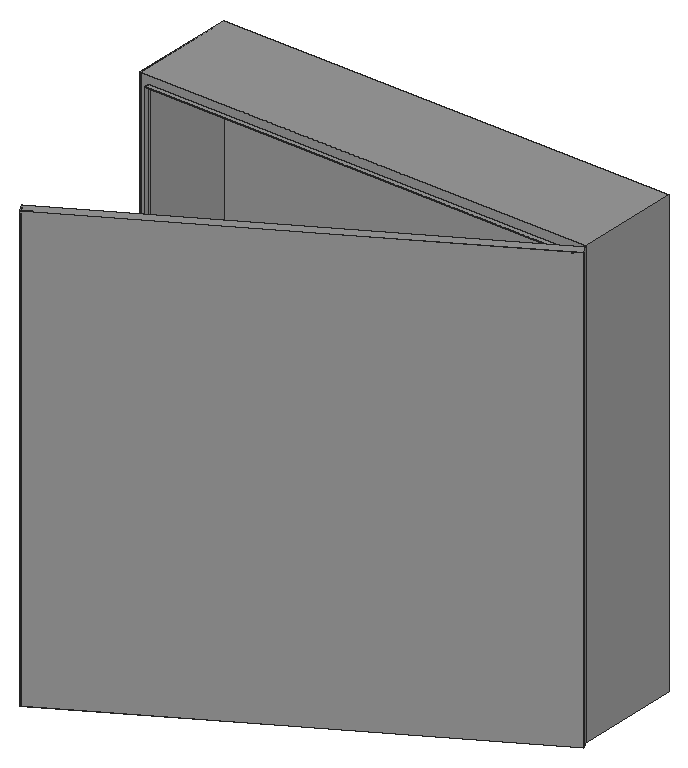
Revit family "Hager-Univers-IP54-D205-H800-Cl.II-Encl-NoHosted-PL-pl", category Electrical Equipment, Revit 2020
Family settings
  Panel Configuration = Two Columns, Circuits Across
  Round Connector Dimension = Use Diameter
  Part Type = Panelboard
  Work Plane-Based = Yes
  Always vertical = Yes
  Cut with Voids When Loaded = No
  Shared = No
  Room Calculation Point = No
Parameters (values of type "Montaż natynkowy IP54 S800 W800 G205  - FP53SW2")
  Width Control [instance] = if([EF000008 - Szerokość] > Min Width, [EF000008 - Szerokość], Min Width)  # 800 mm
  Type Comments = [HG000003 - Zakres]  # "Univers"
  Thickness Door [instance] = if([EF009171 - Drzwi/pokrywa z materiału o wysokiej wytrzymałości mechanicznej] > 3 mm, 3 mm, [EF009171 - Drzwi/pokrywa z materiału o wysokiej wytrzymałości mechanicznej])  # 1 mm
  Seal Frame Offset [instance] = 17 mm  # constant formula
  Plinth Visibility [instance] = [HG000027 - Wysokość cokołu] > 0 mm  # no
  Min Width [instance] = 100 mm  # constant formula
  Min Depth [instance] = (2 * [EF009170 - Obudowa z materiału o wysokiej wytrzymałości mechanicznej]) + 1 mm  # 3 mm
  Min Height [instance] = 100 mm  # constant formula
  Internal Frame Depth [instance] = (Door System Depth * 0.5)  # 9 mm
  Panel Name [instance] = ""  # (empty or 0)
  Model = ""
  HG000027 - Wysokość cokołu = 0 mm
  HG000026 - Stojąca = no
  HG000024 - Wysokość części dolnej = 600 mm
  HG000023 - Obudowa dwusekcyjna = no
  HG000016 - Widoczność drzwi w widoku 3D [instance] = yes
  HG000015 - Przestrzeń robocza - otwarcie drzwi [instance] = no
  HG000014 - Drzwi prawe [instance] = yes
  HG000013 - Drzwi lewe [instance] = not([HG000014 - Drzwi prawe])  # no
  HG000012 - Kąt otwarcia drzwi [instance] = 30.00°
  HG000010 - Drzwi asymetryczne = no
  HG000009 - Drzwi dwuskrzydłowe = no
  HG000006 - Montaż podtynkowy = no
  HG000004 - Referencja producenta = "FP53SW2"
  HG000003 - Zakres = "Univers"
  HG000002 - Z drzwiami lub pokrywą = yes
  Frame Offset Bottom [instance] = 10 mm  # constant formula
  Frame Offset [instance] = 15 mm  # constant formula
  EF015940 - Pokrywa z wyzwalaczem nadciśnieniowym = no
  EF011959 - Stopień ochrony (NEMA) = ""
  EF009554 - Liczba otworów pod flansze = 6
  EF009212 - Wykonanie pokrywy = "EV000116 - Zamknięty"
  EF009171 - Drzwi/pokrywa z materiału o wysokiej wytrzymałości mechanicznej = 1 mm
  EF009170 - Obudowa z materiału o wysokiej wytrzymałości mechanicznej = 1 mm
  EF008873 - Prąd znamionowy (In) = 250 A
  EF007800 - Do ochrony odgromowej = no
  EF006306 - Z zamkiem = no
  EF006244 - Transparentna pokrywa/drzwi = no
  EF005474 - Stopień ochrony (IP) = "EV006419 - IP54"
  EF004464 - Rodzaj drzwi = "EV002646 - Pojedynczy"
  EF004427 - Liczba modułów = 180
  EF004293 - Odporność udarowa = "EV006815 - IK09"
  EF003532 - Do zastosowań zewnętrznych = no
  EF002950 - Szerokość wyrażona liczbą modułów = 36
  EF001613 - Podtrzymanie funkcji = "EV000494 - Brak"
  EF001596 - Materiał obudowy = "EV000179 - Stal"
  EF001131 - Głębokość wewnętrzna = 130 mm
  EF001088 - Możliwość rozbudowy = yes
  EF000437 - Liczba wejść kablowych = 6
  EF000339 - Rodzaj pokrywy = "EV004216 - Drzwi"
  EF000266 - Liczba rzędów = 5
  EF000218 - Głębokość wbudowania = 205 mm
  EF000118 - Z płytą montażową = no
  EF000116 - Numer RAL = "9010"
  EF000049 - Głębokość = 205 mm
  EF000040 - Wysokość = 800 mm
  EF000008 - Szerokość = 800 mm
  EF000007 - Kolor = "EV000202 - Biały"
  EF000003 - Sposób montażu = "EV000384 - Montaż natynkowy"
  Door System Leaf Tolerance [instance] = 1.5 mm  # constant formula
  Door System Depth [instance] = 18 mm  # constant formula
  Door Height [instance] = Height Control - [HG000027 - Wysokość cokołu]  # 800 mm
  Description = ""
  Default Elevation = 1219.2 mm
  Connector Offset [instance] = Height Control / 2  # 400 mm
  Manufacturer = "Hager"  # constant formula
  Height Control [instance] = if([EF000040 - Wysokość] > Min Height, [EF000040 - Wysokość], Min Height)  # 800 mm
  Depth Control [instance] = if([EF000049 - Głębokość] > Min Depth, [EF000049 - Głębokość], Min Depth)  # 205 mm
  Bottom Top Plate Trim [instance] = 1.5 mm  # constant formula
  Plinth height Ctrl [instance] = if([HG000027 - Wysokość cokołu] > 0 mm, [HG000027 - Wysokość cokołu], 12 mm)  # 12 mm
Types (5, lengths in mm): name | Width Control | HG000010 - Drzwi asymetryczne | HG000009 - Drzwi dwuskrzydłowe | HG000004 - Referencja producenta | EF009554 - Liczba otworów pod flansze | EF004464 - Rodzaj drzwi | EF004427 - Liczba modułów | EF002950 - Szerokość wyrażona liczbą modułów | EF000437 - Liczba wejść kablowych | EF000339 - Rodzaj pokrywy | EF000008 - Szerokość
  Montaż natynkowy IP54 S1050 W800 G205  - FP54SW2 | 1050 | no | yes | "FP54SW2" | 8 | "EV003602 - Podwójny" | 240 | 48 | 8 | "EV004216 - Drzwi" | 1050
  Montaż natynkowy IP54 S1300 W800 G205  - FP55SW2 | 1300 | yes | yes | "FP55SW2" | 10 | "EV003602 - Podwójny" | 300 | 60 | 10 | "EV004216 - Drzwi" | 1300
  Montaż natynkowy IP54 S300 W800 G205  - FP51SW2 | 300 | no | no | "FP51SW2" | 2 | "EV002646 - Pojedynczy" | 60 | 12 | 2 | "EV001012 - Pokrywa" | 300
  Montaż natynkowy IP54 S550 W800 G205  - FP52SW2 | 550 | no | no | "FP52SW2" | 4 | "EV002646 - Pojedynczy" | 120 | 24 | 4 | "EV001012 - Pokrywa" | 550
  Montaż natynkowy IP54 S800 W800 G205  - FP53SW2 | 800 | no | no | "FP53SW2" | 6 | "EV002646 - Pojedynczy" | 180 | 36 | 6 | "EV004216 - Drzwi" | 800
Reference planes
  plane 1 "Center (Front/Back)": y = 0
  plane 2: z = 0
  plane 3 "Center (Left/Right)": x = 0
  plane 4: y = 0
  plane 5: y = 0
  plane 6: z = 0
  plane 7: x = -400
  plane 8: x = 400
  plane 9: x = 399
  plane 10: x = -399
  plane 11: z = 0
  plane 12: z = 1
  plane 13: y = -205
  plane 14: y = -1
  plane 15: x = 0
  plane 16: y = -187
  plane 17: y = -204
  plane 18: y = -186
  plane 19: x = -384
  plane 20: x = 384
  plane 21: z = 11
  plane 22: x = -383
  plane 23: x = 383
  plane 24: z = 0
  plane 25: z = 800
  plane 26: z = 800
  plane 27: z = 784
  plane 28: z = 799
Forms (mm)
  Extrusion 1, solid, material "Hager_Steel_RAL7035_Light_Grey", detail levels medium+fine
    sketch origin (-208.679, -4572, 0) x (-1, 0, 0) y (0, -1, 0)
      loop
        line (191.321, -4385) -> (-608.679, -4385) -> (-608.679, -4572) -> (191.321, -4572) -> (191.321, -4385)
    from 0 to 800
  Extrusion 2, void
    sketch origin (-350.771, -205, 1219.2) x (1, 0, 0) y (0, 0, 1)
      loop
        line (-48.229, -420.2) -> (-48.229, -1218.2) -> (749.771, -1218.2) -> (749.771, -420.2) -> (-48.229, -420.2)
    from -19 to -204
  Extrusion 3, void
    sketch origin (-290.084, -187, 1219.2) x (1, 0, 0) y (0, 0, 1)
      loop
        line (-93.916, -1208.2) -> (674.084, -1208.2) -> (674.084, -435.2) -> (-93.916, -435.2) -> (-93.916, -1208.2)
    from 0 to -1
  Extrusion 4, solid, material "Hager_Steel_RAL7035_Light_Grey", visible <- "Plinth Visibility", detail levels medium+fine
    sketch origin (0, 0, 0) x (1, 0, 0) y (0, 1, 0)
      loop
        line (-400, 0) -> (-400, -187) -> (400, -187) -> (400, 0) -> (-400, 0)
    from 0 to 12 <- "Plinth height Ctrl"
  Extrusion 5, solid, material "Hager_Steel_RAL7035_Light_Grey", detail levels coarse
    sketch origin (0, 0, 0) x (1, 0, 0) y (0, 1, 0)
      loop
        line (-400, 0) -> (-400, -205) -> (400, -205) -> (400, 0) -> (-400, 0)
    from 0 to 800 <- "Height Control"
  Sweep 6, void
    path in 3D
      loop
        line (-400, -187, 12) -> (400, -187, 12) -> (400, 0, 12) -> (-400, 0, 12) -> (-400, -187, 12)
    profile origin (-400, -93.5, 12) x (1, 0, 0) y (0, 0, 1)
      loop
        line (0, 0) -> (0, -1.5) -> (1.5, -1.5)
        arc (1.5, -1.5) -> (1.061, -0.439) -> (0, 0) r 1.5
  Extrusion 7, solid, material "Hager_Steel_RAL7035_Light_Grey", detail levels fine
    sketch origin (-400, -187, 0) x (1, 0, 0) y (0, 0, 1)
      loop
        line (16, 11) -> (784, 11) -> (784, 784) -> (16, 784) -> (16, 11)
      loop
        line (15, 10) -> (785, 10) -> (785, 785) -> (15, 785) -> (15, 10)
    from 0 to 9 <- "Internal Frame Depth"
Cuts and joins
  Extrusion 2, Extrusion 3 cuts Extrusion 1
  Sweep 6 cuts Extrusion 4
Lines and regions (mm)
  Masking region 1
    outline origin (0, 0, 0) x (1, 0, 0) y (0, 1, 0)
      loop
        line (-400, 0) -> (-400, -205) -> (400, -205) -> (400, 0) -> (-400, 0)
  Masking region 2, detail levels coarse
    outline origin (-290.084, -187, 1219.2) x (-1, 0, 0) y (0, 0, 1)
      loop
        line (-690.084, -1219.2) -> (109.916, -1219.2) -> (109.916, -419.2) -> (-690.084, -419.2) -> (-690.084, -1219.2)
  Masking region 3, detail levels coarse
    outline origin (0, 0, 0) x (0, 1, 0) y (0, 0, 1)
      loop
        line (0, 0) -> (0, 800) -> (-205, 800) -> (-205, 0) -> (0, 0)
  Masking region 4, visible <- "Plinth Visibility", detail levels medium+fine
    outline origin (0, 0, 0) x (0, 1, 0) y (0, 0, 1)
      loop
        line (-1.5, 12) -> (-185.5, 12)
        arc (-185.5, 12) -> (-185.939, 10.939) -> (-187, 10.5) r 1.5
        line (-187, 10.5) -> (-187, 0) -> (0, 0) -> (0, 10.5)
        arc (0, 10.5) -> (-1.061, 10.939) -> (-1.5, 12) r 1.5
  Masking region 5, detail levels medium+fine
    outline origin (0, 0, 594.038) x (0, 1, 0) y (0, 0, 1)
      loop
        line (0, -594.038) -> (0, 205.962) -> (-187, 205.962) -> (-187, -594.038) -> (0, -594.038)
  Masking region 6, detail levels medium+fine
    outline origin (-359.7, -187, 1211.883) x (-1, 0, 0) y (0, 0, 1)
      loop
        line (-759.7, -1211.883) -> (40.3, -1211.883) -> (40.3, -411.883) -> (-759.7, -411.883) -> (-759.7, -1211.883)
  Masking region 7, visible <- "Plinth Visibility", detail levels medium+fine
    outline origin (-320.334, -187, 1041.368) x (-1, 0, 0) y (0, 0, 1)
      loop
        line (-720.334, -1041.368) -> (79.666, -1041.368) -> (79.666, -1030.868)
        arc (79.666, -1030.868) -> (78.606, -1030.429) -> (78.166, -1029.368) r 1.5
        line (78.166, -1029.368) -> (-718.834, -1029.368)
        arc (-718.834, -1029.368) -> (-719.273, -1030.429) -> (-720.334, -1030.868) r 1.5
        line (-720.334, -1030.868) -> (-720.334, -1041.368)
  sketch lines
    curve 1: line (-400, 0, 12) -> (-400, -187, 12)
    curve 2: line (-400, -187, 12) -> (400, -187, 12)
    curve 3: line (400, 0, 12) -> (-400, 0, 12)
    curve 4: line (400, -187, 12) -> (400, 0, 12)
Dimensions and locks
  locked: plane 1 "Center (Front/Back)" to plane 5
  "EF009170 - Obudowa z materiału o wysokiej wytrzymałości mechanicznej": plane 7 to plane 10
  "EF009170 - Obudowa z materiału o wysokiej wytrzymałości mechanicznej": plane 8 to plane 9
  equal spacing: plane 7, plane 3 "Center (Left/Right)", plane 8
  "Width Control": plane 7 to plane 8
  "Depth Control": plane 4 to plane 13
  "EF009170 - Obudowa z materiału o wysokiej wytrzymałości mechanicznej": plane 4 to plane 14
  "Height Control": plane 25 to level
  "HG000027 - Wysokość cokołu": plane 11 to level
  "EF009170 - Obudowa z materiału o wysokiej wytrzymałości mechanicznej": plane 12 to plane 11
  "EF009170 - Obudowa z materiału o wysokiej wytrzymałości mechanicznej": plane 17 to plane 13
  "EF009170 - Obudowa z materiału o wysokiej wytrzymałości mechanicznej": plane 18 to plane 16
  "Frame Offset Bottom": plane 21 to plane 12
  "Frame Offset": plane 10 to plane 19
  "Frame Offset": plane 9 to plane 20
  "Door System Depth": plane 16 to plane 13
  "Seal Frame Offset": plane 7 to plane 22
  "Seal Frame Offset": plane 8 to plane 23
  "EF009170 - Obudowa z materiału o wysokiej wytrzymałości mechanicznej": plane 26 to plane 28
  "Frame Offset": plane 28 to plane 27
  "Connector Offset": plane 2 to connector elem
  "Bottom Top Plate Trim": profile plane to Sweep 6 sketch curve
  "Bottom Top Plate Trim": Sweep 6 sketch curve to Sweep 6 sketch curve
  "Plinth height Ctrl": Masking region 4 sketch curve to level
  "Plinth height Ctrl": Masking region 7 sketch curve to level
  "Thickness Door": Extrusion 7 sketch curve to Extrusion 7 sketch curve  (x4)
  "Bottom Top Plate Trim": radius of Sweep 6 sketch curve
  "Bottom Top Plate Trim": radius of Masking region 4 sketch curve  (x2)
  "Bottom Top Plate Trim": radius of Masking region 7 sketch curve  (x2)
  aligned and locked: Extrusion 2 sketch curve to plane 12
  aligned and locked: Extrusion 2 sketch curve to plane 9
  aligned and locked: Extrusion 2 sketch curve to plane 10
  aligned and locked: Extrusion 2 to plane 14
  aligned and locked: Extrusion 1 sketch curve to plane 4
  aligned and locked: plane 8 to Extrusion 1 sketch curve
  aligned and locked: plane 7 to Extrusion 1 sketch curve
  aligned and locked: Extrusion 2 to plane 18
  aligned and locked: Extrusion 3 sketch curve to plane 19
  aligned and locked: plane 20 to Extrusion 3 sketch curve
  aligned and locked: Extrusion 3 to Extrusion 2
  aligned and locked: Extrusion 3 sketch curve to plane 21
  aligned and locked: plane 3 "Center (Left/Right)" to nested 1
  aligned and locked: Extrusion 1 sketch curve to plane 16
  aligned and locked: Extrusion 4 sketch curve to cut or joined group of Extrusion 1, Extrusion 2, Extrusion 3
  aligned and locked: Masking region 1 sketch curve to plane 7
  aligned and locked: Masking region 1 sketch curve to plane 5
  aligned and locked: Masking region 1 sketch curve to plane 8
  aligned and locked: Masking region 2 sketch curve to level
  aligned and locked: level to Masking region 3 sketch curve
  aligned and locked: plane 1 "Center (Front/Back)" to Masking region 3 sketch curve
  aligned and locked: plane 13 to Masking region 3 sketch curve
  aligned and locked: plane 5 to Masking region 4 sketch curve
  aligned and locked: Masking region 2 sketch curve to plane 8
  aligned and locked: Masking region 2 sketch curve to plane 7
  aligned and locked: plane 7 to nested 2
  aligned and locked: nested 2 to plane 5
  aligned and locked: plane 5 to Masking region 5 sketch curve
  aligned and locked: plane 26 to Masking region 5 sketch curve
  aligned and locked: Extrusion 5 sketch curve to plane 8
  aligned and locked: Extrusion 5 sketch curve to plane 7
  aligned and locked: Extrusion 5 sketch curve to plane 5
  aligned and locked: Extrusion 3 sketch curve to plane 27
  aligned and locked: Extrusion 2 sketch curve to plane 28
  aligned and locked: Masking region 2 to plane 25
  aligned and locked: Extrusion 4 to plane 16
  aligned and locked: profile plane to Sweep 6 sketch curve
  aligned and locked: Masking region 5 sketch curve to plane 24
  aligned and locked: level to Masking region 4 sketch curve
  aligned and locked: Masking region 1 to plane 13
  aligned and locked: nested 1 to plane 16
  aligned and locked: Masking region 3 to plane 25
  aligned and locked: plane 16 to Masking region 4 sketch curve
  aligned and locked: Masking region 5 sketch curve to plane 16
  aligned and locked: plane 24 to plane 11
  aligned and locked: plane 26 to plane 25
  aligned and locked: plane 26 to cut or joined group of Extrusion 1, Extrusion 2, Extrusion 3
  aligned and locked: nested 1 to plane 24
  aligned and locked: Extrusion 1 to Extrusion 3
  aligned and locked: Masking region 6 sketch curve to plane 8
  aligned and locked: Masking region 6 sketch curve to plane 24
  aligned and locked: Masking region 6 sketch curve to plane 7
  aligned and locked: Masking region 6 sketch curve to plane 26
  aligned and locked: Masking region 7 sketch curve to plane 7
  aligned and locked: level to Masking region 7 sketch curve
  aligned and locked: Masking region 7 sketch curve to plane 8
  aligned and locked: Extrusion 7 sketch curve to cut or joined group of Extrusion 1, Extrusion 2, Extrusion 3  (x4)
Automatic sketch dimensions
  plane 19 to Extrusion 3 sketch curve = 0 mm
  Extrusion 3 sketch curve to plane 20 = 0 mm
  Extrusion 3 sketch curve to plane 21 = 0 mm
  Extrusion 4 sketch curve to plane 7 = 0 mm
  Extrusion 4 sketch curve to plane 8 = 0 mm
  Extrusion 4 sketch curve to plane 16 = 0 mm
  Masking region 1 sketch curve to plane 13 = 0 mm
  Masking region 2 sketch curve to plane 25 = 0 mm
  Masking region 3 sketch curve to plane 25 = 0 mm
  Extrusion 5 sketch curve to plane 13 = 0 mm
  profile plane to Sweep 6 sketch curve = 0 mm
Nested families
  nested 1: "EC000058_Univers_Door" at (0, -187, 0), Double <- "HG000009 - Drzwi dwuskrzydłowe", Transparent <- "EF006244 - Transparentna pokrywa/drzwi", Angle <- "HG000012 - Kąt otwarcia drzwi", Door_Right <- "HG000014 - Drzwi prawe", Assymetrical <- "HG000010 - Drzwi asymetryczne", Door <- "HG000002 - Z drzwiami lub pokrywą", Width_Ctrl <- "Width Control", 3d_Door <- "HG000016 - Widoczność drzwi w widoku 3D", Clearance <- "HG000015 - Przestrzeń robocza - otwarcie drzwi", Door_Left <- "HG000013 - Drzwi lewe", Width <- "Width Control", Door_Depth <- "Door System Depth", Leaf_Tolerance <- "Door System Leaf Tolerance", Height <- "Door Height", Lock_Visibility <- "EF006306 - Z zamkiem", Thickness <- "Thickness Door", type "EC000058_Univers_Door", detail levels medium+fine
    with min_wh 3 mm, Width_Ctrl 800 mm, Width 800 mm, Transparent no, Thickness 1 mm, Seal_Material Hager_Rubber, Lock_Visibility no, Lock_Material Hager_Plastic_RAL9005_Jet_Black, Leaf_Width 800 mm, Leaf_Tolerance_External_Sides 0 mm, Leaf_Tolerance 1.5 mm, Leaf_Offset 0 mm, Leaf_Height 797 mm, Leaf_2_Width 800 mm, Leaf_2_Offset 400 mm, Leaf_1_Width 800 mm, Leaf_1_Offset 400 mm, Height_Ctrl 800 mm, Height 800 mm, Glass_Material Hager_Glass, Double_Clearance_Ctrl no, Double no, Door_Right_Ctrl yes, Door_Right yes, Door_Material Hager_Steel_RAL7035_Light_Grey, Door_Left_Ctrl no, Door_Left no, Door_Depth 18 mm, Door yes, Clearance_Material Hager_Clearance, Clearance_Depth 800 mm, Clearance_Ctrl no, Clearance no, Assymetrical no, Angle 30.00°, 3d_Door yes
  nested 2: "Hager_Enclosure_Symbol" at (-400, 0, 0), Height <- "Depth Control", Width <- "Width Control", type "Hager_Enclosure_Symbol"
    with Width_Ctrl 800 mm, Width 800 mm, Height_Ctrl 205 mm, Height 205 mm, A_Width_Int 13.453 mm, A_Width 161.438 mm, A_Height_Ctrl 179.375 mm, A_Height 179.375 mm
Connectors
  electrical at (0, 0, 400)
    settings: on plane 1 "Center (Front/Back)", index 1, voltage 0 V, apparent load 0 VA, apparent load phase1 0 VA, apparent load phase2 0 VA, apparent load phase3 0 VA, power factor 1, load classification "Other", number of poles 1, system type 30, power factor state 1, is connector primary yes, connector utility no, sub classification motor no, connector description ""
Definition of nested family "EC000058_Univers_Door"
  Parameters (values of type "EC000058_Univers_Door")
    min_wh [instance] = (2 * Thickness) + 1 mm  # 11 mm
    Width_Ctrl [instance] = 400 mm
    Width [instance] = 500 mm
    Transparent [instance] = yes
    Thickness [instance] = 5 mm
    Seal_Material [instance] = none
    Lock_Visibility [instance] = yes
    Lock_Material [instance] = none
    Leaf_Width [instance] = if((Width_Ctrl - 2 * Leaf_Tolerance_External_Sides) > 0 mm, (Width_Ctrl - 2 * Leaf_Tolerance_External_Sides), min_wh)  # 400 mm
    Leaf_Tolerance_External_Sides [instance] = 0 mm  # constant formula
    Leaf_Tolerance [instance] = 1.5 mm
    Leaf_Offset [instance] = 0 mm  # constant formula
    Leaf_Height [instance] = if((Height_Ctrl - 2 * Leaf_Tolerance) > 0 mm, (Height_Ctrl - 2 * Leaf_Tolerance), min_wh)  # 497 mm
    Leaf_2_Width [instance] = if(and(and(Double, Assymetrical), Door_Left), (Leaf_Width / 3) - (Leaf_Tolerance / 2), if(and(and(Double, Assymetrical), Door_Right), (Leaf_Width / 3) * 2 - (Leaf_Tolerance / 2), if(and(Double, not(Assymetrical)), (Leaf_Width / 2) - Leaf_Tolerance, Leaf_Width)))  # 400 mm
    Leaf_2_Offset [instance] = if(and(Double, Assymetrical), Leaf_2_Width / 2, if(and(Double, not(Assymetrical)), Leaf_Width / 4, Leaf_Width / 2))  # 200 mm
    Leaf_1_Width [instance] = if(and(and(Double, Assymetrical), Door_Right), (Leaf_Width / 3) - (Leaf_Tolerance / 2), if(and(and(Double, Assymetrical), Door_Left), (Width / 3) * 2 - (Leaf_Tolerance / 2), if(and(Double, not(Assymetrical)), (Leaf_Width / 2) - Leaf_Tolerance, Leaf_Width)))  # 400 mm
    Leaf_1_Offset [instance] = if(and(Double, Assymetrical), Leaf_1_Width / 2, if(and(Double, not(Assymetrical)), Leaf_Width / 4, Leaf_Width / 2))  # 200 mm
    Height_Ctrl [instance] = if(Height > min_wh, Height, min_wh)  # 500 mm
    Height [instance] = 500 mm
    Glass_Material [instance] = none
    Double_Clearance_Ctrl [instance] = and(Double, Clearance)  # no
    Double [instance] = no
    Door_Right_Ctrl [instance] = and(or(Door_Right, Double), Door)  # yes
    Door_Right [instance] = yes
    Door_Material [instance] = none
    Door_Left_Ctrl [instance] = and(or(Door_Left, Double), Door)  # no
    Door_Left [instance] = no
    Door_Depth [instance] = 30 mm
    Door [instance] = yes
    Default Elevation = 1219.2 mm
    Clearance_Material [instance] = none
    Clearance_Depth [instance] = if(Leaf_1_Width > Leaf_2_Width, Leaf_1_Width, Leaf_2_Width)  # 400 mm
    Clearance_Ctrl [instance] = and(not(Double), Clearance)  # yes
    Clearance [instance] = yes
    Assymetrical [instance] = yes
    Angle [instance] = 30.00°
    3d_Door [instance] = yes
  Reference planes
    plane 1 "Center (Front/Back)": y = 0
    plane 2 "Bottom": z = 0
    plane 3 "Center (Left/Right)": x = 0
    plane 4: z = 500
    plane 5: x = -200
    plane 6: x = 200
    plane 7: z = 500
    plane 8: x = -200
    plane 9: z = 0
    plane 10: x = 200
    plane 11: y = 0
    plane 12: z = 1.5
    plane 13: x = -600
    plane 14: y = -400
    plane 15: x = 600
    plane 16: x = 0
    plane 17: x = 0
    plane 18: x = -200
    plane 19: x = 200
    plane 20: z = 498.5
  Forms (mm)
    Extrusion 1, solid, material <- "Clearance_Material", visible <- "Double_Clearance_Ctrl"
      sketch origin (1200, 0, 0) x (1, 0, 0) y (0, 0, -1)
        loop
          line (-1800, -498.5) -> (-600, -498.5) -> (-600, 0) -> (-1800, 0) -> (-1800, -498.5)
      from 0 to -400
  Dimensions and locks
    equal spacing: plane 5, plane 3 "Center (Left/Right)", plane 6
    "Width_Ctrl": plane 5 to plane 6
    "Leaf_Offset": plane 5 to plane 8
    "Leaf_Offset": plane 6 to plane 10
    "Leaf_Offset": plane 9 to level
    "Leaf_Offset": plane 4 to plane 7
    "Height_Ctrl": plane 4 to level
    "Leaf_Tolerance": plane 12 to plane 9
    locked: plane 11 to plane 1 "Center (Front/Back)"
    "Leaf_1_Offset": plane 18 to plane 16
    "Leaf_2_Offset": plane 17 to plane 19
    "Leaf_1_Width": plane 13 to plane 8
    "Leaf_2_Width": plane 10 to plane 15
    "Clearance_Depth": plane 14 to plane 1 "Center (Front/Back)"
    "Leaf_Tolerance_External_Sides": plane 8 to plane 18
    "Leaf_Tolerance_External_Sides": plane 19 to plane 10
    "Leaf_Tolerance": plane 7 to plane 20
    aligned and locked: level to plane 2 "Bottom"
    aligned and locked: nested 1 to plane 16
    aligned and locked: nested 2 to plane 17
    aligned and locked: Extrusion 1 to plane 13
    aligned and locked: plane 15 to Extrusion 1
    aligned and locked: Extrusion 1 to plane 14
    aligned and locked: plane 12 to nested 1
    aligned and locked: nested 2 to plane 12
    aligned and locked: Extrusion 1 to plane 11
    aligned and locked: plane 20 to Extrusion 1
    aligned and locked: nested 2 to plane 11
    aligned and locked: nested 1 to plane 11
  Automatic sketch dimensions
    Extrusion 1 sketch curve to level = 0 mm
    plane 5 to Extrusion 1 sketch curve = 400 mm
    plane 6 to Extrusion 1 sketch curve = 400 mm
    Extrusion 1 sketch curve to plane 4 = 1.5 mm
  Nested families
    nested 1: "EC000058_Univers_Door_Leaf" at (0, 0, 1.5), Width <- "Leaf_1_Width", visible <- "Door_Left_Ctrl", Leaf_Height <- "Leaf_Height", Angle <- "Angle", 3d_Door <- "3d_Door", Transparent <- "Transparent", Clearance Material <- "Clearance_Material", Clearance <- "Clearance_Ctrl", Door_Material <- "Door_Material", Glass_Material <- "Glass_Material", Door_Depth <- "Door_Depth", Lock_Material <- "Lock_Material", Seal_Material <- "Seal_Material", Lock_Visibility <- "Lock_Visibility", Thickness <- "Thickness", type "EC000058_Univers_Door_Leaf"
      with Width 400 mm, Transparent_Glass_Offset 30 mm, Transparent_Ctrl yes, Transparent yes, Thickness 5 mm, Standard no, Seal_Material none, Seal_D2 8 mm, Seal_D1 1 mm, Offset_Internal_Frame 10 mm, Lock_Width 20 mm, Lock_Visibility_3d yes, Lock_Visibility yes, Lock_Thickness_3 3 mm, Lock_Thickness_2 1 mm, Lock_Thickness_1 3 mm, Lock_Radius_Offset_2 16 mm, Lock_Radius_Offset_1 15 mm, Lock_Radius_2 5 mm, Lock_Radius 6 mm, Lock_Offset 5 mm, Lock_Material none, Lock_Height 80 mm, Lock_Cover_Top_Offset_2d 17 mm, Lock_Cover_Height -65 mm, Leaf_Height 497 mm, Internal_Seal_Thickness 8 mm, Internal_Seal_Depth_2 4.5 mm, Internal_Frame_Depth 25 mm, Glass_Thickness -1 mm, Glass_Offset -2 mm, Glass_Material none, Door_Material none, Door_Depth 30 mm, Clearance Material none, Clearance yes, Angle_Ctrl 30.00°, Angle 30.00°, 3d_Door yes
    nested 2: "EC000058_Univers_Door_Leaf" at (0, 0, 1.5) x (-1, 0, 0) z (0, 0, 1), Width <- "Leaf_2_Width", visible <- "Door_Right_Ctrl", Leaf_Height <- "Leaf_Height", Angle <- "Angle", 3d_Door <- "3d_Door", Transparent <- "Transparent", Clearance Material <- "Clearance_Material", Clearance <- "Clearance_Ctrl", Door_Material <- "Door_Material", Glass_Material <- "Glass_Material", Door_Depth <- "Door_Depth", Lock_Material <- "Lock_Material", Seal_Material <- "Seal_Material", Lock_Visibility <- "Lock_Visibility", Thickness <- "Thickness", type "EC000058_Univers_Door_Leaf"
      with Width 400 mm, Transparent_Glass_Offset 30 mm, Transparent_Ctrl yes, Transparent yes, Thickness 5 mm, Standard no, Seal_Material none, Seal_D2 8 mm, Seal_D1 1 mm, Offset_Internal_Frame 10 mm, Lock_Width 20 mm, Lock_Visibility_3d yes, Lock_Visibility yes, Lock_Thickness_3 3 mm, Lock_Thickness_2 1 mm, Lock_Thickness_1 3 mm, Lock_Radius_Offset_2 16 mm, Lock_Radius_Offset_1 15 mm, Lock_Radius_2 5 mm, Lock_Radius 6 mm, Lock_Offset 5 mm, Lock_Material none, Lock_Height 80 mm, Lock_Cover_Top_Offset_2d 17 mm, Lock_Cover_Height -65 mm, Leaf_Height 497 mm, Internal_Seal_Thickness 8 mm, Internal_Seal_Depth_2 4.5 mm, Internal_Frame_Depth 25 mm, Glass_Thickness -1 mm, Glass_Offset -2 mm, Glass_Material none, Door_Material none, Door_Depth 30 mm, Clearance Material none, Clearance yes, Angle_Ctrl 30.00°, Angle 30.00°, 3d_Door yes
  Definition of nested family "EC000058_Univers_Door_Leaf"
    Parameters (values of type "EC000058_Univers_Door_Leaf")
      Width [instance] = 2000 mm
      Transparent_Glass_Offset [instance] = 30 mm
      Transparent_Ctrl [instance] = and(Transparent, [3d_Door])  # yes
      Transparent [instance] = yes
      Thickness [instance] = 5 mm
      Standard [instance] = and(not(Transparent), [3d_Door])  # no
      Seal_Material [instance] = none
      Seal_D2 [instance] = 8 mm  # constant formula
      Seal_D1 [instance] = 1 mm  # constant formula
      Offset_Internal_Frame [instance] = 10 mm  # constant formula
      Lock_Width [instance] = 20 mm  # constant formula
      Lock_Visibility_3d [instance] = and(Lock_Visibility, [3d_Door])  # yes
      Lock_Visibility [instance] = yes
      Lock_Thickness_3 [instance] = 3 mm  # constant formula
      Lock_Thickness_2 [instance] = 1 mm  # constant formula
      Lock_Thickness_1 [instance] = 3 mm  # constant formula
      Lock_Radius_Offset_2 [instance] = Lock_Radius_Offset_1 + 1 mm  # 16 mm
      Lock_Radius_Offset_1 [instance] = 15 mm  # constant formula
      Lock_Radius_2 [instance] = Lock_Radius - 1 mm  # 5 mm
      Lock_Radius [instance] = 6 mm  # constant formula
      Lock_Offset [instance] = 5 mm  # constant formula
      Lock_Material [instance] = none
      Lock_Height [instance] = 80 mm  # constant formula
      Lock_Cover_Top_Offset_2d [instance] = Lock_Radius_Offset_2 + 1 mm  # 17 mm
      Lock_Cover_Height [instance] = -(Lock_Height - Lock_Radius_Offset_1)  # -65 mm
      Leaf_Height [instance] = 2720.336 mm
      Internal_Seal_Thickness [instance] = 8 mm  # constant formula
      Internal_Seal_Depth_2 [instance] = 4.5 mm  # constant formula
      Internal_Frame_Depth [instance] = if(Door_Depth - Thickness > 5 mm, Door_Depth - Thickness, 5 mm)  # 25 mm
      Glass_Thickness [instance] = if(Thickness > 15 mm, Glass_Offset + 10 mm, -1 mm)  # -1 mm
      Glass_Offset [instance] = if(Thickness > 15 mm, -(Thickness + 10 mm) / 2, -2 mm)  # -2 mm
      Glass_Material [instance] = none
      Door_Material [instance] = none
      Door_Depth [instance] = 30 mm
      Default Elevation = 0 mm
      Clearance Material [instance] = none
      Clearance [instance] = yes
      Angle_Ctrl [instance] = if(Angle > 180.00°, 180.00°, Angle)  # 90.00°
      Angle [instance] = 90.00°
      3d_Door [instance] = yes
    Reference planes
      plane 1 "Center (Front/Back)": y = 0
      plane 2: z = 0
      plane 3 "Center (Left/Right)": x = 0
      plane 4: y = 2000
      plane 5: x = -1000
      plane 6: x = 1000
      plane 7: x = -3000
      plane 8: z = 2720.336
      plane 9: z = 30
      plane 10: z = 2690.336
      plane 11: x = 970
      plane 12: x = -970
      plane 13: y = -3
      plane 14: z = 107.833
      plane 15: y = -5
      plane 16: y = -223.314
      plane 17: x = -1000
      plane 18: z = 1360.168
      plane 19: y = 30
    Forms (mm)
      Extrusion 1, solid, material <- "Clearance Material", visible <- "Clearance"
        sketch origin (0, 0, 0) x (1, 0, 0) y (0, 0, 1)
          loop
            line (-3000, 2720.336) -> (-3000, 0) -> (1000, 0) -> (1000, 2720.336) -> (-3000, 2720.336)
        from 0 to -2000
      Extrusion 2, solid, material <- "Door_Material", visible <- "Standard", detail levels medium+fine
        sketch origin (-1000, 0, 0) x (0, 1, 0) y (-1, 0, 0)
          loop
            line (0, 30) -> (0, 25) -> (2000, 25) -> (2000, 30) -> (0, 30)
        from 0 to 2720.336 <- "Leaf_Height"
      Extrusion 3, solid, material <- "Door_Material", visible <- "Transparent_Ctrl", detail levels medium+fine
        sketch origin (-1000, 0, 0) x (0, 1, 0) y (-1, 0, 0)
          loop
            line (0, 25) -> (2000, 25) -> (2000, 30) -> (0, 30) -> (0, 25)
        from 0 to 2720.336 <- "Leaf_Height"
      Extrusion 4, void
        sketch origin (-1025, 2000, 0) x (0, 1, 0) y (0, 0, -1)
          loop
            line (-30, -2690.336) -> (-30, -30) -> (-1970, -30) -> (-1970, -2690.336) -> (-30, -2690.336)
        from 0 to 5 <- "Thickness"
      Sweep 5, solid, material <- "Seal_Material", visible <- "Transparent_Ctrl", detail levels fine
        path in 3D
          loop
            line (-1025, 30, 30) -> (-1025, 30, 2690.336) -> (-1025, 1970, 2690.336) -> (-1025, 1970, 30) -> (-1025, 30, 30)
        profile origin (-1025, 1000, 30) x (1, 0, 0) y (0, 0, 1)
          loop
            line (0, 0) -> (0, -8) -> (1, -8) -> (1, 0) -> (0, 0)
      Extrusion 6, solid, material <- "Glass_Material", visible <- "Transparent_Ctrl", detail levels medium+fine
        sketch origin (-1030, 0, 0) x (0, 1, 0) y (0, 0, -1)
          loop
            line (1970, -2690.336) -> (1970, -30) -> (30, -30) -> (30, -2690.336) -> (1970, -2690.336)
        from -2 <- "Glass_Offset" to -1 <- "Glass_Thickness"
      Extrusion 7, solid, material <- "Door_Material", visible <- "3d_Door", detail levels medium+fine
        sketch origin (-1025, 2000, 0) x (0, -1, 0) y (0, 0, -1)
          loop
            line (0, -2720.336) -> (2000, -2720.336) -> (2000, 0) -> (0, 0) -> (0, -2720.336)
          loop
            line (1995, -5) -> (5, -5) -> (5, -2715.336) -> (1995, -2715.336) -> (1995, -5)
        from 0 to 25 <- "Internal_Frame_Depth"
      Sweep 8, solid, material <- "Seal_Material", visible <- "Transparent_Ctrl", detail levels fine
        path in 3D
          loop
            line (-1025, 0, 0) -> (-1025, 2000, 0) -> (-1025, 2000, 2720.336) -> (-1025, 0, 2720.336) -> (-1025, 0, 0)
        profile origin (-1025, 0, 1360.168) x (1, 0, 0) y (0, 1, 0)
          loop
            line (0, 10) -> (2.975, 10)
            arc (2.975, 10) -> (4.053, 10.447) -> (4.5, 11.525) r 1.525
            line (4.5, 11.525) -> (4.5, 16.527)
            arc (4.5, 16.527) -> (4.069, 17.569) -> (3.027, 18) r 1.473
            line (3.027, 18) -> (0, 18) -> (0, 10)
      Extrusion 9, solid, material <- "Lock_Material", visible <- "Lock_Visibility_3d", detail levels fine
        sketch origin (-1030, 0, 0) x (0, 1, 0) y (0, 0, -1)
          loop
            arc (1993.5, -1400.168) -> (1994.561, -1399.729) -> (1995, -1398.668) r 1.5
            line (1995, -1398.668) -> (1995, -1320.168) -> (1975, -1320.168) -> (1975, -1398.668)
            arc (1975, -1398.668) -> (1975.439, -1399.729) -> (1976.5, -1400.168) r 1.5
            line (1976.5, -1400.168) -> (1993.5, -1400.168)
        from 3 <- "Lock_Thickness_1" to 0
      Blend 10, solid, material <- "Lock_Material", visible <- "Lock_Visibility_3d", detail levels fine
        base sketch origin (-1033, 0, 0) x (0, 1, 0) y (0, 0, -1)
          loop
            line (1975, -1320.168) -> (1975, -1398.668)
            arc (1975, -1398.668) -> (1975.439, -1399.729) -> (1976.5, -1400.168) r 1.5
            line (1976.5, -1400.168) -> (1993.5, -1400.168)
            arc (1993.5, -1400.168) -> (1994.561, -1399.729) -> (1995, -1398.668) r 1.5
            line (1995, -1398.668) -> (1995, -1320.168) -> (1975, -1320.168)
        top sketch origin (-1033, 0, 0) x (0, 1, 0) y (0, 0, -1)
          loop
            line (1976, -1320.168) -> (1976, -1398.668)
            arc (1976, -1398.668) -> (1976.146, -1399.022) -> (1976.5, -1399.168) r 0.5
            line (1976.5, -1399.168) -> (1993.5, -1399.168)
            arc (1993.5, -1399.168) -> (1993.854, -1399.022) -> (1994, -1398.668) r 0.5
            line (1994, -1398.668) -> (1994, -1320.168) -> (1976, -1320.168)
        from 0 to 1 <- "Lock_Thickness_2"
      Blend 11, solid, material <- "Lock_Material", visible <- "Lock_Visibility_3d", detail levels fine
        base sketch origin (-1034, 0, 0) x (0, 1, 0) y (0, 0, -1)
          loop
            line (1978, -1320.168) -> (1978, -1384.168)
            arc (1978, -1384.168) -> (1985, -1391.168) -> (1992, -1384.168) r 7
            line (1992, -1384.168) -> (1992, -1320.168) -> (1978, -1320.168)
        top sketch origin (-1034, 0, 0) x (0, 1, 0) y (0, 0, -1)
          loop
            line (1991, -1320.168) -> (1979, -1320.168) -> (1979, -1383.168)
            arc (1979, -1383.168) -> (1985, -1389.168) -> (1991, -1383.168) r 6
            line (1991, -1383.168) -> (1991, -1320.168)
        from 0 to 3 <- "Lock_Thickness_3"
      Extrusion 12, solid, material <- "Lock_Material", visible <- "Lock_Visibility_3d", detail levels fine
        sketch origin (-1030, 1975, 1320.168) x (1, 0, 0) y (0, -1, 0)
          loop
            line (-7, -19) -> (-7, -1) -> (0, -1) -> (0, 0) -> (-8, 0) -> (-8, -20) -> (0, -20) -> (0, -19) -> (-7, -19)
        from 0 to -65 <- "Lock_Cover_Height"
      Extrusion 13, void
        sketch origin (-1038, 1995, 1320.168) x (-1, 0, 0) y (0, 0, -1)
          loop
            line (-5, -65) -> (0, -65) -> (-5, -60) -> (-5, -65)
        from 0 to 20 <- "Lock_Width"
      Extrusion 14, void
        sketch origin (-1038, 1975, 1320.168) x (0, -1, 0) y (0, 0, -1)
          loop
            circle (-10, -15.995) r 6
          loop
            circle (-10, -15.995) r 5
        from 0 to 2
      Extrusion 15, solid, material <- "Lock_Material", visible <- "Lock_Visibility_3d", detail levels medium
        sketch origin (-1030, 0, 0) x (0, 1, 0) y (0, 0, -1)
          loop
            arc (1993.5, -1400.168) -> (1994.561, -1399.729) -> (1995, -1398.668) r 1.5
            line (1995, -1398.668) -> (1995, -1320.168) -> (1975, -1320.168) -> (1975, -1398.668)
            arc (1975, -1398.668) -> (1975.439, -1399.729) -> (1976.5, -1400.168) r 1.5
            line (1976.5, -1400.168) -> (1993.5, -1400.168)
        from 8 to 0
    Cuts and joins
      Extrusion 4 cuts Extrusion 3
      Extrusion 13, Extrusion 14 cuts Extrusion 9
      Extrusion 14 cuts Blend 11
      Extrusion 13, Extrusion 14 cuts Extrusion 12
      joined: Extrusion 9, Blend 10, Blend 11, Extrusion 12
      Extrusion 14 cuts Extrusion 15
    Lines and regions (mm)
      Masking region 1, visible <- "Lock_Visibility", detail levels fine
        outline origin (0, 0, 0) x (0, 1, 0) y (0, 0, 1)
          loop
            line (30, 1320.168) -> (33, 1320.168) -> (33, 1400.168) -> (30, 1400.168) -> (30, 1320.168)
      Masking region 2, visible <- "Lock_Visibility", detail levels fine
        outline origin (0, 3.143, 0) x (0, 1, 0) y (0, 0, 1)
          loop
            line (29.857, 1354.168) -> (30.857, 1354.168) -> (30.857, 1366.168) -> (29.857, 1366.168) -> (29.857, 1354.168)
      Masking region 3, detail levels medium+fine
        outline origin (0, 0, 0) x (0, 1, 0) y (0, 0, 1)
          loop
            line (0, 0) -> (30, 0) -> (30, 2720.336) -> (0, 2720.336) -> (0, 0)
      Masking region 4, detail levels medium+fine
        outline origin (0, 0, 0) x (1, 0, 0) y (0, 0, 1)
          loop
            line (-1000, 2720.336) -> (-1000, 0) -> (1000, 0) -> (1000, 2720.336) -> (-1000, 2720.336)
      Masking region 5, visible <- "Lock_Visibility", detail levels fine
        outline origin (-47.116, 0, 0) x (1, 0, 0) y (0, 0, 1)
          loop
            arc (1024.616, 1399.168) -> (1023.556, 1398.729) -> (1023.116, 1397.668) r 1.5
            line (1023.116, 1397.668) -> (1023.116, 1320.168) -> (1041.116, 1320.168) -> (1041.116, 1397.668)
            arc (1041.116, 1397.668) -> (1040.677, 1398.729) -> (1039.616, 1399.168) r 1.5
            line (1039.616, 1399.168) -> (1024.616, 1399.168)
      Masking region 6, visible <- "Lock_Visibility", detail levels medium+fine
        outline origin (-25, 0, 0) x (1, 0, 0) y (0, 0, 1)
          loop
            arc (1001.5, 1400.168) -> (1000.439, 1399.729) -> (1000, 1398.668) r 1.5
            line (1000, 1398.668) -> (1000, 1320.168) -> (1020, 1320.168) -> (1020, 1398.668)
            arc (1020, 1398.668) -> (1019.561, 1399.729) -> (1018.5, 1400.168) r 1.5
            line (1018.5, 1400.168) -> (1001.5, 1400.168)
      Masking region 7, visible <- "Lock_Visibility", detail levels fine
        outline origin (-73.735, 0, 0) x (1, 0, 0) y (0, 0, 1)
          loop
            line (1051.735, 1382.168) -> (1065.735, 1382.168) -> (1065.735, 1384.168)
            arc (1065.735, 1384.168) -> (1058.735, 1391.168) -> (1051.735, 1384.168) r 7
            line (1051.735, 1384.168) -> (1051.735, 1382.168)
      Masking region 8, visible <- "Lock_Visibility", detail levels fine
        outline origin (-73.735, 0, 0) x (1, 0, 0) y (0, 0, 1)
          loop
            line (1052.735, 1382.168) -> (1064.735, 1382.168) -> (1064.735, 1383.168)
            arc (1064.735, 1383.168) -> (1058.735, 1389.168) -> (1052.735, 1383.168) r 6
            line (1052.735, 1383.168) -> (1052.735, 1382.168)
      Masking region 9, visible <- "Lock_Visibility", detail levels fine
        outline origin (-25, 0, 0) x (1, 0, 0) y (0, 0, 1)
          loop
            line (1020, 1320.168) -> (1020, 1382.168) -> (1000, 1382.168) -> (1000, 1320.168) -> (1020, 1320.168)
      Masking region 10, detail levels medium+fine
        outline origin (0, 0, 0) x (1, 0, 0) y (0, 0, 1)
          loop
            circle (985, 1335.144) r 6
      Masking region 11, detail levels fine
        outline origin (0, 0, 0) x (1, 0, 0) y (0, 0, 1)
          loop
            circle (985, 1335.144) r 5
      Masking region 12, visible <- "Lock_Visibility", detail levels fine
        outline origin (0, 12.767, 0) x (0, 1, 0) y (0, 0, 1)
          loop
            line (20.233, 1320.168) -> (21.233, 1320.168) -> (21.233, 1399.168) -> (20.233, 1400.168) -> (20.233, 1320.168)
      Masking region 13, visible <- "Lock_Visibility", detail levels fine
        outline origin (0, 13.767, -10) x (0, 1, 0) y (0, 0, 1)
          loop
            line (20.233, 1330.168) -> (23.233, 1330.168) -> (23.233, 1399.168) -> (20.233, 1402.168) -> (20.233, 1330.168)
      Masking region 14, visible <- "Lock_Visibility", detail levels fine
        outline origin (0, 12.767, -10) x (0, 1, 0) y (0, 0, 1)
          loop
            line (20.233, 1330.168) -> (25.233, 1330.168) -> (25.233, 1399.305) -> (20.233, 1394.305) -> (20.233, 1330.168)
      Masking region 15, visible <- "Lock_Visibility", detail levels medium
        outline origin (0, 0, 0) x (0, 1, 0) y (0, 0, 1)
          loop
            line (30, 1320.168) -> (38, 1320.168) -> (38, 1400.168) -> (30, 1400.168) -> (30, 1320.168)
      Masking region 16, visible <- "Lock_Visibility", detail levels fine
        outline origin (-1000, 0, 0) x (0, 1, 0) y (-1, 0, 0)
          loop
            line (1975, 30) -> (1995, 30) -> (1995, 38) -> (1975, 38) -> (1975, 30)
          loop
            line (1979, 37) -> (1976, 37) -> (1976, 34) -> (1978, 34) -> (1979, 37)
          loop
            line (1994, 37) -> (1991, 37) -> (1992, 34) -> (1994, 34) -> (1994, 37)
      Masking region 17, visible <- "Lock_Visibility", detail levels medium
        outline origin (-1000, 0, 0) x (0, 1, 0) y (-1, 0, 0)
          loop
            line (1975, 30) -> (1995, 30) -> (1995, 38) -> (1975, 38) -> (1975, 30)
      symbolic lines
        curve 1: line (1000, 0, 0) -> (-3000, 0, 0)
        curve 2: arc (1000, 0, 0) -> (-1000, 2000, 0) -> (-3000, 0, 0) r 2000
        curve 4: line (-1030, 0, 0) -> (-1030, 2000, 0)
      reference lines
        curve 3: line (-1000, 0, 0) -> (-1000, 2000, 0)
      symbolic lines, detail levels medium+fine
        curve 5: line (-1030, 2000, 0) -> (-1025, 2000, 0)
        curve 7: line (-1025, 0, 0) -> (-1030, 0, 0)
        curve 8: line (-1025, 0, 0) -> (-1000, 0, 0)
        curve 9: line (-1000, 0, 0) -> (-1000, 2000, 0)
        curve 10: line (-1000, 2000, 0) -> (-1025, 2000, 0)
      symbolic lines, detail levels fine
        curve 6: line (-1025, 2000, 0) -> (-1025, 0, 0)
      sketch lines
        curve 11: line (-1025, 0, 2720.336) -> (-1025, 0, 0)
        curve 12: line (-1025, 2000, 0) -> (-1025, 0, 0)
        curve 13: line (-1025, 2000, 2720.336) -> (-1025, 2000, 0)
        curve 14: line (-1025, 0, 2720.336) -> (-1025, 2000, 2720.336)
        curve 15: line (-1025, 1970, 30) -> (-1025, 30, 30)
        curve 16: line (-1025, 30, 30) -> (-1025, 30, 2690.336)
        curve 17: line (-1025, 1970, 2690.336) -> (-1025, 1970, 30)
        curve 18: line (-1025, 30, 2690.336) -> (-1025, 1970, 2690.336)
      symbolic lines, visible <- "Transparent", detail levels medium+fine
        curve 19: line (-970, 0, 2690.336) -> (970, 0, 2690.336)
        curve 20: line (-970, 0, 30) -> (-970, 0, 2690.336)
        curve 21: line (970, 0, 30) -> (-970, 0, 30)
        curve 22: line (970, 0, 2690.336) -> (970, 0, 30)
    Dimensions and locks
      "Width": plane 1 "Center (Front/Back)" to plane 4
      equal spacing: plane 5, plane 3 "Center (Left/Right)", plane 6
      "Width": plane 5 to plane 6
      "Width": plane 7 to plane 5
      "Leaf_Height": plane 8 to level
      "Width": curve 5 to curve 3
      "Width": curve 3 to curve 3
      plane 8 to plane 10 = 30 mm
      plane 9 to level = 30 mm
      plane 12 to plane 5 = 30 mm
      plane 6 to plane 11 = 30 mm
      Extrusion 1 to Extrusion 4 sketch curve = 30 mm
      "Transparent_Glass_Offset": curve 3 to Extrusion 4 sketch curve
      "Transparent_Glass_Offset": Extrusion 4 sketch curve to cut or joined group of Extrusion 3, Extrusion 4  (x2)
      cut or joined group of Extrusion 3, Extrusion 4 to Extrusion 6 sketch curve = 30 mm
      "Transparent_Glass_Offset": cut or joined group of Extrusion 3, Extrusion 4 to Extrusion 4 sketch curve
      "Thickness": curve 6 to curve 4
      "Thickness": Extrusion 7 sketch curve to Extrusion 7 sketch curve  (x4)
      "Door_Depth": curve 4 to curve 3
      "Offset_Internal_Frame": profile plane to Sweep 8 sketch curve
      "Internal_Seal_Thickness": Sweep 8 sketch curve to Sweep 8 sketch curve
      "Internal_Seal_Depth_2": profile plane to Sweep 8 sketch curve
      "Seal_D1": profile plane to Sweep 5 sketch curve
      "Seal_D2": profile plane to Sweep 5 sketch curve
      "Thickness": Extrusion 2 sketch curve to Extrusion 2 sketch curve
      equal spacing: Extrusion 9 sketch curve, plane 18, Extrusion 9 sketch curve  (x2)
      equal spacing: Masking region 1 sketch curve, plane 18, Masking region 1 sketch curve
      "Lock_Height": Masking region 1 sketch curve to Masking region 1 sketch curve
      "Lock_Radius": Masking region 2 sketch curve to plane 18 to Masking region 2 sketch curve
      Masking region 2 sketch curve to Masking region 1 = 1 mm
      "Door_Depth": plane 19 to plane 1 "Center (Front/Back)"
      "Lock_Thickness_1": Masking region 1 sketch curve to plane 19
      "Lock_Width": Extrusion 9 sketch curve to Extrusion 9 sketch curve
      "Lock_Height": Extrusion 9 sketch curve to Extrusion 9 sketch curve
      "Lock_Offset": cut or joined group of Extrusion 3, Extrusion 4 to Extrusion 9 sketch curve
      equal spacing: plane 8, plane 18, level
      "Lock_Radius_Offset_1": Blend 11 sketch curve to Blend 10
      locked: Blend 10 to Blend 11 sketch curve at 2  (x2)
      locked: var sketch to Blend 11 sketch curve at 1  (x2)
      "Lock_Radius_Offset_2": Blend 11 sketch curve to Blend 10
      locked: Extrusion 12 sketch curve to Extrusion 12 sketch curve at 1  (x3)
      Masking region 6 sketch curve to Masking region 6 sketch curve = 80 mm
      "Lock_Height": Masking region 6 sketch curve to Masking region 6 sketch curve
      "Lock_Width": Masking region 6 sketch curve to Masking region 6 sketch curve
      locked: Masking region 6 to Masking region 5 sketch curve at 1  (x3)
      locked: Masking region 5 to Masking region 7 sketch curve at 2  (x2)
      "Lock_Radius_Offset_1": Masking region 5 to Masking region 7 sketch curve
      "Lock_Radius_Offset_2": Masking region 5 to Masking region 8 sketch curve
      locked: Masking region 7 to Masking region 8 sketch curve at 1  (x2)
      "Lock_Cover_Top_Offset_2d": Masking region 5 to Masking region 9 sketch curve
      equal spacing: Masking region 9, Masking region 10 sketch curve, Masking region 9
      equal spacing: Masking region 9, Masking region 11 sketch curve, Masking region 9
      Extrusion 15 sketch curve to Extrusion 15 sketch curve = 80 mm
      "Lock_Width": Extrusion 15 sketch curve to Extrusion 15 sketch curve
      "Lock_Height": Extrusion 15 sketch curve to Extrusion 15 sketch curve
      equal spacing: Extrusion 15 sketch curve, plane 18, Extrusion 15 sketch curve
      "Lock_Thickness_3": Masking region 13 sketch curve to Masking region 13 sketch curve
      "Lock_Height": Masking region 12 sketch curve to Masking region 12 sketch curve
      locked: Masking region 13 sketch curve to Masking region 1 at 8
      locked: Masking region 14 sketch curve to Masking region 13 at 1
      locked: Masking region 14 sketch curve to Masking region 1 at 10.863
      "Lock_Height": Masking region 15 sketch curve to Masking region 15 sketch curve
      "Lock_Offset": Extrusion 15 sketch curve to cut or joined group of Extrusion 3, Extrusion 4
      "Lock_Offset": plane 6 to Masking region 6 sketch curve
      radius of Sweep 8 sketch curve = 1.525 mm
      radius of Sweep 8 sketch curve = 1.473 mm
      radius of Extrusion 9 sketch curve = 1.5 mm  (x2)
      "Lock_Radius": radius of Extrusion 14 sketch curve
      "Lock_Radius_2": radius of Extrusion 14 sketch curve
      "Lock_Radius": radius of Masking region 10 sketch curve
      "Lock_Radius_2": radius of Masking region 11 sketch curve
      radius of Extrusion 15 sketch curve = 1.5 mm  (x2)
      "Angle_Ctrl": angle plane 1 "Center (Front/Back)" to curve 3
      locked: Masking region 12 sketch curve to Masking region 12 sketch curve (angle 45.00°)
      locked: Masking region 13 sketch curve to Masking region 13 sketch curve (angle 45.00°)
      locked: Masking region 14 sketch curve to Masking region 14 sketch curve (angle 45.00°)
      aligned and locked: level to plane 2
      aligned and locked: Extrusion 1 to curve 1
      aligned and locked: plane 6 to Extrusion 1
      aligned and locked: Extrusion 1 to plane 1 "Center (Front/Back)"
      aligned and locked: plane 4 to Extrusion 1
      aligned and locked: plane 8 to Extrusion 1
      aligned and locked: curve 7 to Extrusion 2 sketch curve
      aligned and locked: curve 5 to Extrusion 2 sketch curve
      aligned and locked: curve 7 to Extrusion 3 sketch curve
      aligned and locked: Extrusion 3 sketch curve to curve 4
      aligned and locked: Extrusion 3 sketch curve to curve 6
      aligned and locked: Extrusion 3 sketch curve to curve 5
      aligned and locked: curve 9 to curve 3
      aligned and locked: Extrusion 7 sketch curve to cut or joined group of Extrusion 3, Extrusion 4  (x4)
      aligned and locked: plane 17 to curve 3
      aligned and locked: plane 1 "Center (Front/Back)" to curve 3
      aligned and locked: plane 17 to plane 5
      aligned and locked: Sweep 8 sketch curve to profile plane
      aligned and locked: Sweep 5 sketch curve to profile plane  (x2)
      aligned and locked: Masking region 1 to Masking region 2 sketch curve
      aligned and locked: plane 19 to Masking region 1 sketch curve
      aligned and locked: plane 1 "Center (Front/Back)" to Masking region 3 sketch curve
      aligned and locked: plane 19 to Masking region 3 sketch curve
      aligned and locked: level to Masking region 3 sketch curve
      aligned and locked: Masking region 3 sketch curve to plane 8
      aligned and locked: plane 17 to Masking region 4 sketch curve
      aligned and locked: level to Masking region 4 sketch curve
      aligned and locked: Masking region 4 sketch curve to plane 8
      aligned and locked: plane 12 to curve 20
      aligned and locked: plane 10 to curve 19
      aligned and locked: plane 11 to curve 22
      aligned and locked: curve 21 to plane 9
      aligned and locked: Extrusion 2 sketch curve to cut or joined group of Extrusion 3, Extrusion 4
      aligned and locked: Blend 10 sketch curve to Extrusion 9  (x4)
      aligned and locked: Extrusion 9 to Blend 10 sketch curve
      aligned and locked: Blend 10 to Blend 11 sketch curve
      aligned and locked: Extrusion 12 sketch curve to Blend 11
      aligned and locked: Extrusion 12 sketch curve to Extrusion 9  (x4)
      aligned and locked: Masking region 5 sketch curve to Masking region 6
      aligned and locked: Masking region 9 sketch curve to Masking region 6  (x3)
      aligned and locked: Masking region 12 sketch curve to Masking region 1
      aligned and locked: Masking region 13 sketch curve to Masking region 1
      aligned and locked: Masking region 12 to Masking region 14
      aligned and locked: Masking region 14 sketch curve to Masking region 1
      aligned and locked: Masking region 15 sketch curve to Masking region 14
      aligned and locked: Masking region 13 sketch curve to Masking region 12
      aligned and locked: Masking region 16 sketch curve to cut or joined group of Extrusion 14, Extrusion 15  (x4)
      aligned and locked: Masking region 16 sketch curve to cut or joined group of Extrusion 9, Blend 10, Blend 11, Extrusion 12, Extrusion 13, Extrusion 14  (x6)
      aligned and locked: cut or joined group of Extrusion 9, Blend 10, Blend 11, Extrusion 12, Extrusion 13, Extrusion 14 to Masking region 16 sketch curve
      aligned and locked: Masking region 17 sketch curve to cut or joined group of Extrusion 14, Extrusion 15  (x3)
      aligned and locked: Masking region 17 sketch curve to cut or joined group of Extrusion 9, Blend 10, Blend 11, Extrusion 12, Extrusion 13, Extrusion 14
      aligned and locked: Masking region 9 to Masking region 8 sketch curve
      aligned and locked: Masking region 9 to Masking region 7 sketch curve
    Automatic sketch dimensions
      plane 1 "Center (Front/Back)" to curve 2 = 0 mm
      curve 2 to plane 5 = 0 mm
      Extrusion 1 sketch curve to level = 0 mm
      Extrusion 1 sketch curve to plane 7 = 0 mm
      Extrusion 1 sketch curve to plane 6 = 0 mm
      Extrusion 1 sketch curve to plane 8 = 0 mm
      Extrusion 3 to Extrusion 6 sketch curve = 30 mm  (x4)
      Masking region 4 sketch curve to plane 6 = 0 mm
      Blend 10 sketch curve to Extrusion 9 = 1.5 mm
      Blend 10 sketch curve to Extrusion 9 = 1 mm
      Extrusion 13 sketch curve to Extrusion 12 = 0 mm  (x2)
      Extrusion 12 to Extrusion 13 sketch curve = 3 mm
      Extrusion 13 sketch curve to Extrusion 12 = 5 mm
      Extrusion 14 sketch curve to Extrusion 14 sketch curve = 0 mm  (x2)
      Extrusion 14 sketch curve to Extrusion 12 = 10 mm
      Extrusion 14 sketch curve to Extrusion 12 = 15.995 mm
      Masking region 5 sketch curve to Masking region 5 sketch curve = 1.5 mm  (x2)
      Masking region 10 sketch curve to plane 18 = 25.024 mm
      Masking region 11 sketch curve to plane 18 = 25.024 mm
      plane 19 to Masking region 14 sketch curve = 3 mm
      Masking region 16 sketch curve to Masking region 16 sketch curve = 3 mm
      curve 4 to curve 3 = 0 mm
      Blend 10 to Blend 11 sketch curve = 0 mm
      Masking region 6 sketch curve to Masking region 6 sketch curve = 1.5 mm  (x2)
      Masking region 6 sketch curve to plane 18 = 40 mm
      plane 19 to Masking region 12 sketch curve = 3 mm
      Masking region 12 sketch curve to Masking region 12 sketch curve = 1 mm
      Masking region 15 sketch curve to plane 19 = 0 mm
      Masking region 15 sketch curve to plane 18 = 40 mm
      radius of Blend 10 sketch curve to Extrusion 9 = 1 mm
Definition of nested family "Hager_Enclosure_Symbol"
  Parameters (values of type "Hager_Enclosure_Symbol")
    Width_Ctrl [instance] = if(Width > 1 mm, Width, 1 mm)  # 102.27 mm
    Width [instance] = 102.27 mm
    Height_Ctrl [instance] = if(Height > 1 mm, Height, 1 mm)  # 66.5 mm
    A_Width_Int [instance] = if(A_Width / 12 > 2 mm, A_Width / 12, 2 mm)  # 4.364 mm
    A_Width [instance] = if(A_Height_Ctrl * 0.9 > 2 mm, A_Height_Ctrl * 0.9, 2 mm)  # 52.369 mm
    A_Height_Ctrl [instance] = if(A_Height > 2 mm, A_Height, 2 mm)  # 58.188 mm
    Height [instance] = 66.5 mm
    A_Height [instance] = Height - (Height / 8)  # 58.188 mm
  Reference planes
    plane 1 "Centre (avant/arrière)": y = 0
    plane 2: z = 0
    plane 3 "Centre (gauche/droite)": x = 0
    plane 4: x = 52.369
    plane 5: y = 33.042
    plane 6: y = 41.77
    plane 7: y = 66.5
    plane 8: x = 26.184
    plane 9: y = 37.406
    plane 10: x = 102.27
    plane 11: y = 66.5
    plane 12: y = 8.313
  Lines and regions (mm)
    Filled region 1, type "Solid_Black", in view "Niveau de réf."
      outline origin (0, 0, 0) x (1, 0, 0) y (0, 1, 0)
        loop
          line (52.369, 66.5) -> (33.188, 54.536) -> (45.365, 45.006) -> (52.369, 66.5)
    Filled region 2, type "Solid_Black", in view "Niveau de réf."
      outline origin (0, 0, 0) x (1, 0, 0) y (0, 1, 0)
        loop
          line (0, 0) -> (102.27, 0) -> (102.27, 66.5) -> (0, 0)
    detail lines, in view "Niveau de réf."
      curve 1: line (0, 8.313, 0) -> (26.184, 41.77, 0)
      curve 2: line (26.184, 41.77, 0) -> (26.184, 33.042, 0)
      curve 3: line (26.184, 33.042, 0) -> (52.369, 66.5, 0)
  Dimensions and locks
    "A_Width": plane 3 "Centre (gauche/droite)" to plane 4
    equal spacing: plane 3 "Centre (gauche/droite)", plane 8, plane 4
    equal spacing: plane 6, plane 9, plane 5
    equal spacing: curve 3, Filled region 1 sketch curve, Filled region 1 sketch curve
    "Height_Ctrl": plane 1 "Centre (avant/arrière)" to plane 11
    "A_Height_Ctrl": plane 11 to plane 12
    equal spacing: plane 11, plane 9, plane 12
    "A_Width_Int": plane 6 to plane 9
    "Width_Ctrl": plane 3 "Centre (gauche/droite)" to plane 10
    angle Filled region 1 sketch curve to curve 3 = 20.00°
    angle curve 3 to Filled region 1 sketch curve = 20.00°
    locked: curve 3 to Filled region 1 sketch curve (angle 90.00°)
    aligned and locked: plane 10 to Filled region 2
    aligned and locked: plane 11 to Filled region 2 sketch curve
    aligned and locked: plane 10 to Filled region 2 sketch curve
    aligned and locked: plane 3 "Centre (gauche/droite)" to curve 1
    aligned and locked: plane 12 to curve 1
    aligned and locked: plane 7 to plane 11
  Automatic sketch dimensions
    Filled region 1 sketch curve to plane 4 = 0 mm
    Filled region 1 sketch curve to plane 7 = 0 mm
    plane 1 "Centre (avant/arrière)" to Filled region 2 sketch curve = 0 mm
    Filled region 2 sketch curve to plane 3 "Centre (gauche/droite)" = 0 mm
    curve 2 to plane 6 = 0 mm
    curve 2 to plane 8 = 0 mm
    curve 3 to plane 4 = 0 mm
    curve 2 to plane 5 = 0 mm
    curve 3 to plane 7 = 0 mm
